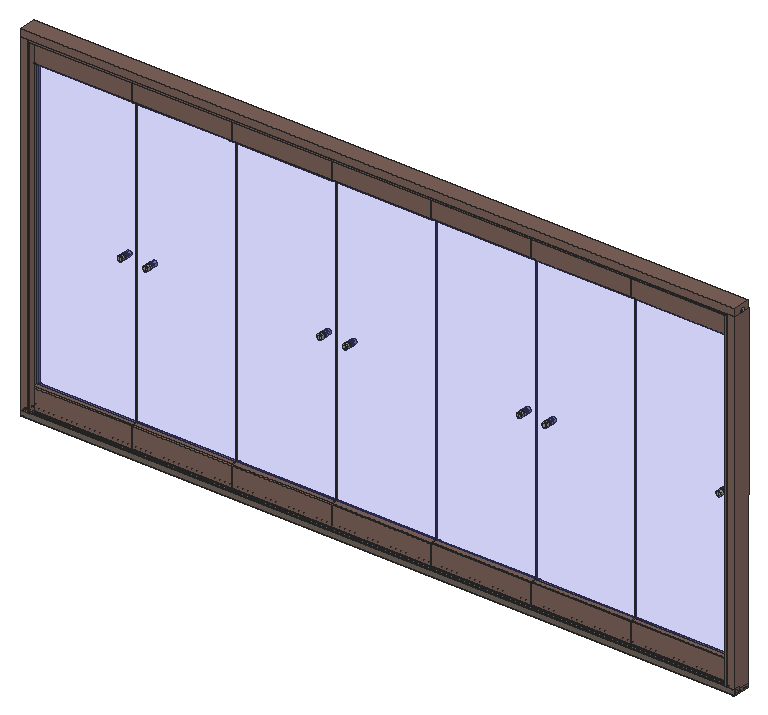
Revit family "FL7L LH", category Doors, host Wall, Revit 2015 (continued)
Automatic sketch dimensions
  Revolve 35 sketch curve to Revolve 35 sketch curve = 4.5 mm
  host wall to Extrusion 36 sketch curve = 20.5 mm  (x2)
  Extrusion 36 sketch curve to Extrusion 36 sketch curve = 5 mm  (x5)
  Extrusion 36 sketch curve to host wall = 13 mm  (x2)
  Extrusion 36 sketch curve to host wall = 24.5 mm
  Extrusion 36 sketch curve to Extrusion 36 sketch curve = 11.5 mm
  level to Extrusion 36 sketch curve = 24 mm
  Extrusion 36 sketch curve to Extrusion 36 sketch curve = 13 mm
  Extrusion 36 sketch curve to Extrusion 36 sketch curve = 75 mm
  Extrusion 36 sketch curve to Extrusion 36 sketch curve = 45 mm
  plane 5 to Extrusion 36 sketch curve = 188 mm
  Extrusion 36 sketch curve to Extrusion 36 sketch curve = 50 mm
  plane 5 to Extrusion 36 sketch curve = 50 mm
  Extrusion 37 sketch curve to plane 14 = 0 mm
  Extrusion 37 sketch curve to plane 15 = 0 mm
  level to Extrusion 37 sketch curve = 112 mm
  plane 5 to Extrusion 37 sketch curve = 138 mm
  Extrusion 38 sketch curve to host wall = 23 mm  (x2)
  Extrusion 38 sketch curve to Extrusion 38 sketch curve = 1.5 mm  (x2)
  level to Extrusion 38 sketch curve = 112 mm
  Extrusion 38 sketch curve to Extrusion 38 sketch curve = 50 mm  (x2)
  plane 5 to Extrusion 38 sketch curve = 188 mm
  Revolve 39 sketch curve to host wall = 24.5 mm
  Revolve 39 sketch curve to Revolve 39 sketch curve = 5 mm
  Revolve 39 sketch curve to Revolve 39 sketch curve = 2 mm  (x2)
  plane 5 to Revolve 39 sketch curve = 158.5 mm
  Revolve 39 sketch curve to Revolve 39 sketch curve = 8.5 mm
  Revolve 39 sketch curve to Revolve 39 sketch curve = 6.469 mm
  Revolve 39 sketch curve to Revolve 39 sketch curve = 5.515 mm
  Revolve 39 sketch curve to Revolve 39 sketch curve = 4.5 mm
  Revolve 40 sketch curve to host wall = 24.5 mm
  Revolve 40 sketch curve to Revolve 40 sketch curve = 5 mm
  Revolve 40 sketch curve to Revolve 40 sketch curve = 2 mm  (x2)
  plane 5 to Revolve 40 sketch curve = 148 mm
  Revolve 40 sketch curve to Revolve 40 sketch curve = 8.5 mm
  Revolve 40 sketch curve to Revolve 40 sketch curve = 6.469 mm
  Revolve 40 sketch curve to Revolve 40 sketch curve = 5.515 mm
  Revolve 40 sketch curve to Revolve 40 sketch curve = 4.5 mm
  Revolve 41 sketch curve to host wall = 24.5 mm
  Revolve 41 sketch curve to Revolve 41 sketch curve = 5 mm
  Revolve 41 sketch curve to Revolve 41 sketch curve = 2 mm  (x2)
  level to Revolve 41 sketch curve = 141.5 mm
  Revolve 41 sketch curve to Revolve 41 sketch curve = 8.5 mm
  Revolve 41 sketch curve to Revolve 41 sketch curve = 6.469 mm
  Revolve 41 sketch curve to Revolve 41 sketch curve = 5.515 mm
  Revolve 41 sketch curve to Revolve 41 sketch curve = 4.5 mm
  Revolve 42 sketch curve to host wall = 24.5 mm
  Revolve 42 sketch curve to Revolve 42 sketch curve = 5 mm
  Revolve 42 sketch curve to Revolve 42 sketch curve = 2 mm  (x2)
  level to Revolve 42 sketch curve = 152 mm
  Revolve 42 sketch curve to Revolve 42 sketch curve = 8.5 mm
  Revolve 42 sketch curve to Revolve 42 sketch curve = 6.469 mm
  Revolve 42 sketch curve to Revolve 42 sketch curve = 5.515 mm
  Revolve 42 sketch curve to Revolve 42 sketch curve = 4.5 mm
  host wall to Extrusion 43 sketch curve = 20.5 mm  (x2)
  Extrusion 43 sketch curve to Extrusion 43 sketch curve = 5 mm  (x5)
  Extrusion 43 sketch curve to host wall = 13 mm  (x2)
  Extrusion 43 sketch curve to host wall = 24.5 mm
  Extrusion 43 sketch curve to Extrusion 43 sketch curve = 11.5 mm
  level to Extrusion 43 sketch curve = 24 mm
  Extrusion 43 sketch curve to Extrusion 43 sketch curve = 13 mm
  Extrusion 43 sketch curve to Extrusion 43 sketch curve = 75 mm
  Extrusion 43 sketch curve to Extrusion 43 sketch curve = 45 mm
  plane 5 to Extrusion 43 sketch curve = 188 mm
  Extrusion 43 sketch curve to Extrusion 43 sketch curve = 50 mm
  plane 5 to Extrusion 43 sketch curve = 50 mm
  Extrusion 44 sketch curve to plane 12 = 0 mm
  Extrusion 44 sketch curve to plane 13 = 0 mm
  level to Extrusion 44 sketch curve = 112 mm
  plane 5 to Extrusion 44 sketch curve = 138 mm
  Extrusion 45 sketch curve to host wall = 23 mm  (x2)
  Extrusion 45 sketch curve to Extrusion 45 sketch curve = 1.5 mm  (x2)
  level to Extrusion 45 sketch curve = 112 mm
  Extrusion 45 sketch curve to Extrusion 45 sketch curve = 50 mm  (x2)
  plane 5 to Extrusion 45 sketch curve = 188 mm
  Revolve 46 sketch curve to host wall = 24.5 mm
  Revolve 46 sketch curve to Revolve 46 sketch curve = 5 mm
  Revolve 46 sketch curve to Revolve 46 sketch curve = 2 mm  (x2)
  plane 5 to Revolve 46 sketch curve = 158.5 mm
  Revolve 46 sketch curve to Revolve 46 sketch curve = 8.5 mm
  Revolve 46 sketch curve to Revolve 46 sketch curve = 6.469 mm
  Revolve 46 sketch curve to Revolve 46 sketch curve = 5.515 mm
  Revolve 46 sketch curve to Revolve 46 sketch curve = 4.5 mm
  Revolve 47 sketch curve to host wall = 24.5 mm
  Revolve 47 sketch curve to Revolve 47 sketch curve = 5 mm
  Revolve 47 sketch curve to Revolve 47 sketch curve = 2 mm  (x2)
  plane 5 to Revolve 47 sketch curve = 148 mm
  Revolve 47 sketch curve to Revolve 47 sketch curve = 8.5 mm
  Revolve 47 sketch curve to Revolve 47 sketch curve = 6.469 mm
  Revolve 47 sketch curve to Revolve 47 sketch curve = 5.515 mm
  Revolve 47 sketch curve to Revolve 47 sketch curve = 4.5 mm
  Revolve 48 sketch curve to host wall = 24.5 mm
  Revolve 48 sketch curve to Revolve 48 sketch curve = 5 mm
  Revolve 48 sketch curve to Revolve 48 sketch curve = 2 mm  (x2)
  level to Revolve 48 sketch curve = 141.5 mm
  Revolve 48 sketch curve to Revolve 48 sketch curve = 8.5 mm
  Revolve 48 sketch curve to Revolve 48 sketch curve = 6.469 mm
  Revolve 48 sketch curve to Revolve 48 sketch curve = 5.515 mm
  Revolve 48 sketch curve to Revolve 48 sketch curve = 4.5 mm
  Revolve 49 sketch curve to host wall = 24.5 mm
  Revolve 49 sketch curve to Revolve 49 sketch curve = 5 mm
  Revolve 49 sketch curve to Revolve 49 sketch curve = 2 mm  (x2)
  level to Revolve 49 sketch curve = 152 mm
  Revolve 49 sketch curve to Revolve 49 sketch curve = 8.5 mm
  Revolve 49 sketch curve to Revolve 49 sketch curve = 6.469 mm
  Revolve 49 sketch curve to Revolve 49 sketch curve = 5.515 mm
  Revolve 49 sketch curve to Revolve 49 sketch curve = 4.5 mm
  host wall to Extrusion 50 sketch curve = 20.5 mm  (x2)
  Extrusion 50 sketch curve to Extrusion 50 sketch curve = 5 mm  (x5)
  Extrusion 50 sketch curve to host wall = 13 mm  (x2)
  Extrusion 50 sketch curve to host wall = 24.5 mm
  Extrusion 50 sketch curve to Extrusion 50 sketch curve = 11.5 mm
  level to Extrusion 50 sketch curve = 24 mm
  Extrusion 50 sketch curve to Extrusion 50 sketch curve = 13 mm
  Extrusion 50 sketch curve to Extrusion 50 sketch curve = 75 mm
  Extrusion 50 sketch curve to Extrusion 50 sketch curve = 45 mm
  plane 5 to Extrusion 50 sketch curve = 188 mm
  Extrusion 50 sketch curve to Extrusion 50 sketch curve = 50 mm
  plane 5 to Extrusion 50 sketch curve = 50 mm
  Extrusion 51 sketch curve to plane 10 = 0 mm
  Extrusion 51 sketch curve to plane 11 = 0 mm
  level to Extrusion 51 sketch curve = 112 mm
  plane 5 to Extrusion 51 sketch curve = 138 mm
  Extrusion 52 sketch curve to host wall = 23 mm  (x2)
  Extrusion 52 sketch curve to Extrusion 52 sketch curve = 1.5 mm  (x2)
  level to Extrusion 52 sketch curve = 112 mm
  Extrusion 52 sketch curve to Extrusion 52 sketch curve = 50 mm  (x2)
  plane 5 to Extrusion 52 sketch curve = 188 mm
  Revolve 53 sketch curve to host wall = 24.5 mm
  Revolve 53 sketch curve to Revolve 53 sketch curve = 5 mm
  Revolve 53 sketch curve to Revolve 53 sketch curve = 2 mm  (x2)
  plane 5 to Revolve 53 sketch curve = 158.5 mm
  Revolve 53 sketch curve to Revolve 53 sketch curve = 8.5 mm
  Revolve 53 sketch curve to Revolve 53 sketch curve = 6.469 mm
  Revolve 53 sketch curve to Revolve 53 sketch curve = 5.515 mm
  Revolve 53 sketch curve to Revolve 53 sketch curve = 4.5 mm
  Revolve 54 sketch curve to host wall = 24.5 mm
  Revolve 54 sketch curve to Revolve 54 sketch curve = 5 mm
  Revolve 54 sketch curve to Revolve 54 sketch curve = 2 mm  (x2)
  plane 5 to Revolve 54 sketch curve = 148 mm
  Revolve 54 sketch curve to Revolve 54 sketch curve = 8.5 mm
  Revolve 54 sketch curve to Revolve 54 sketch curve = 6.469 mm
  Revolve 54 sketch curve to Revolve 54 sketch curve = 5.515 mm
  Revolve 54 sketch curve to Revolve 54 sketch curve = 4.5 mm
  Revolve 55 sketch curve to host wall = 24.5 mm
  Revolve 55 sketch curve to Revolve 55 sketch curve = 5 mm
  Revolve 55 sketch curve to Revolve 55 sketch curve = 2 mm  (x2)
  level to Revolve 55 sketch curve = 141.5 mm
  Revolve 55 sketch curve to Revolve 55 sketch curve = 8.5 mm
  Revolve 55 sketch curve to Revolve 55 sketch curve = 6.469 mm
  Revolve 55 sketch curve to Revolve 55 sketch curve = 5.515 mm
  Revolve 55 sketch curve to Revolve 55 sketch curve = 4.5 mm
  Revolve 56 sketch curve to host wall = 24.5 mm
  Revolve 56 sketch curve to Revolve 56 sketch curve = 5 mm
  Revolve 56 sketch curve to Revolve 56 sketch curve = 2 mm  (x2)
  level to Revolve 56 sketch curve = 152 mm
  Revolve 56 sketch curve to Revolve 56 sketch curve = 8.5 mm
  Revolve 56 sketch curve to Revolve 56 sketch curve = 6.469 mm
  Revolve 56 sketch curve to Revolve 56 sketch curve = 5.515 mm
  Revolve 56 sketch curve to Revolve 56 sketch curve = 4.5 mm
  Revolve 57 sketch curve to host wall = 23 mm
  Revolve 57 sketch curve to Revolve 57 sketch curve = 3 mm
  Revolve 57 sketch curve to Revolve 57 sketch curve = 5 mm  (x2)
  Revolve 57 sketch curve to Revolve 57 sketch curve = 16 mm
  Revolve 57 sketch curve to Revolve 57 sketch curve = 1 mm  (x2)
  plane 5 to Revolve 57 sketch curve = 1048 mm
  Revolve 57 sketch curve to Revolve 57 sketch curve = 0 mm  (x4)
  Revolve 57 sketch curve to Revolve 57 sketch curve = 14 mm
  Revolve 58 sketch curve to host wall = 0 mm
  Revolve 58 sketch curve to host wall = 5 mm
  Revolve 58 sketch curve to Revolve 58 sketch curve = 5 mm
  Revolve 58 sketch curve to Revolve 58 sketch curve = 3 mm
  host wall to Revolve 58 sketch curve = 16 mm
  Revolve 58 sketch curve to Revolve 58 sketch curve = 1 mm  (x2)
  level to Revolve 58 sketch curve = 1037 mm
  Revolve 58 sketch curve to Revolve 58 sketch curve = 10 mm
  Revolve 58 sketch curve to Revolve 58 sketch curve = 14 mm
  Revolve 58 sketch curve to Revolve 58 sketch curve = 0 mm  (x3)
  Revolve 59 sketch curve to host wall = 23 mm
  Revolve 59 sketch curve to Revolve 59 sketch curve = 3 mm
  Revolve 59 sketch curve to Revolve 59 sketch curve = 5 mm  (x2)
  Revolve 59 sketch curve to Revolve 59 sketch curve = 16 mm
  Revolve 59 sketch curve to Revolve 59 sketch curve = 1 mm  (x2)
  plane 5 to Revolve 59 sketch curve = 1048 mm
  Revolve 59 sketch curve to Revolve 59 sketch curve = 0 mm  (x4)
  Revolve 59 sketch curve to Revolve 59 sketch curve = 14 mm
  Revolve 60 sketch curve to host wall = 0 mm
  Revolve 60 sketch curve to host wall = 5 mm
  Revolve 60 sketch curve to Revolve 60 sketch curve = 5 mm
  Revolve 60 sketch curve to Revolve 60 sketch curve = 3 mm
  host wall to Revolve 60 sketch curve = 16 mm
  Revolve 60 sketch curve to Revolve 60 sketch curve = 1 mm  (x2)
  level to Revolve 60 sketch curve = 1037 mm
  Revolve 60 sketch curve to Revolve 60 sketch curve = 10 mm
  Revolve 60 sketch curve to Revolve 60 sketch curve = 14 mm
  Revolve 60 sketch curve to Revolve 60 sketch curve = 0 mm  (x3)
  Revolve 61 sketch curve to host wall = 23 mm
  Revolve 61 sketch curve to Revolve 61 sketch curve = 3 mm
  Revolve 61 sketch curve to Revolve 61 sketch curve = 5 mm  (x2)
  Revolve 61 sketch curve to Revolve 61 sketch curve = 16 mm
  Revolve 61 sketch curve to Revolve 61 sketch curve = 1 mm  (x2)
  plane 5 to Revolve 61 sketch curve = 1048 mm
  Revolve 61 sketch curve to Revolve 61 sketch curve = 0 mm  (x4)
  Revolve 61 sketch curve to Revolve 61 sketch curve = 14 mm
  Revolve 62 sketch curve to host wall = 0 mm
  Revolve 62 sketch curve to host wall = 5 mm
  Revolve 62 sketch curve to Revolve 62 sketch curve = 5 mm
  Revolve 62 sketch curve to Revolve 62 sketch curve = 3 mm
  host wall to Revolve 62 sketch curve = 16 mm
  Revolve 62 sketch curve to Revolve 62 sketch curve = 1 mm  (x2)
  level to Revolve 62 sketch curve = 1037 mm
  Revolve 62 sketch curve to Revolve 62 sketch curve = 10 mm
  Revolve 62 sketch curve to Revolve 62 sketch curve = 14 mm
  Revolve 62 sketch curve to Revolve 62 sketch curve = 0 mm  (x3)
  Revolve 63 sketch curve to host wall = 23 mm
  Revolve 63 sketch curve to Revolve 63 sketch curve = 3 mm
  Revolve 63 sketch curve to Revolve 63 sketch curve = 5 mm  (x2)
  Revolve 63 sketch curve to Revolve 63 sketch curve = 16 mm
  Revolve 63 sketch curve to Revolve 63 sketch curve = 1 mm  (x2)
  plane 5 to Revolve 63 sketch curve = 1048 mm
  Revolve 63 sketch curve to Revolve 63 sketch curve = 0 mm  (x4)
  Revolve 63 sketch curve to Revolve 63 sketch curve = 14 mm
  Revolve 64 sketch curve to host wall = 0 mm
  Revolve 64 sketch curve to host wall = 5 mm
  Revolve 64 sketch curve to Revolve 64 sketch curve = 5 mm
  Revolve 64 sketch curve to Revolve 64 sketch curve = 3 mm
  host wall to Revolve 64 sketch curve = 16 mm
  Revolve 64 sketch curve to Revolve 64 sketch curve = 1 mm  (x2)
  level to Revolve 64 sketch curve = 1037 mm
  Revolve 64 sketch curve to Revolve 64 sketch curve = 10 mm
  Revolve 64 sketch curve to Revolve 64 sketch curve = 14 mm
  Revolve 64 sketch curve to Revolve 64 sketch curve = 0 mm  (x3)
  Revolve 65 sketch curve to host wall = 23 mm
  Revolve 65 sketch curve to Revolve 65 sketch curve = 3 mm
  Revolve 65 sketch curve to Revolve 65 sketch curve = 5 mm  (x2)
  Revolve 65 sketch curve to Revolve 65 sketch curve = 16 mm
  Revolve 65 sketch curve to Revolve 65 sketch curve = 1 mm  (x2)
  level to Revolve 65 sketch curve = 1037 mm
  Revolve 65 sketch curve to Revolve 65 sketch curve = 10 mm
  Revolve 65 sketch curve to Revolve 65 sketch curve = 14 mm
  Revolve 65 sketch curve to Revolve 65 sketch curve = 0 mm  (x3)
  Revolve 66 sketch curve to host wall = 23 mm
  Revolve 66 sketch curve to Revolve 66 sketch curve = 3 mm
  Revolve 66 sketch curve to Revolve 66 sketch curve = 5 mm  (x2)
  Revolve 66 sketch curve to Revolve 66 sketch curve = 16 mm
  Revolve 66 sketch curve to Revolve 66 sketch curve = 1 mm  (x2)
  level to Revolve 66 sketch curve = 1037 mm
  Revolve 66 sketch curve to Revolve 66 sketch curve = 10 mm
  Revolve 66 sketch curve to Revolve 66 sketch curve = 14 mm
  Revolve 66 sketch curve to Revolve 66 sketch curve = 0 mm  (x3)
  Revolve 67 sketch curve to host wall = 23 mm
  Revolve 67 sketch curve to Revolve 67 sketch curve = 3 mm
  Revolve 67 sketch curve to Revolve 67 sketch curve = 5 mm  (x2)
  Revolve 67 sketch curve to Revolve 67 sketch curve = 16 mm
  Revolve 67 sketch curve to Revolve 67 sketch curve = 1 mm  (x2)
  level to Revolve 67 sketch curve = 1037 mm
  Revolve 67 sketch curve to Revolve 67 sketch curve = 10 mm
  Revolve 67 sketch curve to Revolve 67 sketch curve = 14 mm
  Revolve 67 sketch curve to Revolve 67 sketch curve = 0 mm  (x3)
  Revolve 68 sketch curve to host wall = 0 mm
  Revolve 68 sketch curve to host wall = 5 mm
  Revolve 68 sketch curve to Revolve 68 sketch curve = 5 mm
  Revolve 68 sketch curve to Revolve 68 sketch curve = 3 mm
  host wall to Revolve 68 sketch curve = 16 mm
  Revolve 68 sketch curve to Revolve 68 sketch curve = 1 mm  (x2)
  plane 5 to Revolve 68 sketch curve = 1048 mm
  Revolve 68 sketch curve to Revolve 68 sketch curve = 0 mm  (x4)
  Revolve 68 sketch curve to Revolve 68 sketch curve = 14 mm
  Revolve 69 sketch curve to host wall = 0 mm
  Revolve 69 sketch curve to host wall = 5 mm
  Revolve 69 sketch curve to Revolve 69 sketch curve = 5 mm
  Revolve 69 sketch curve to Revolve 69 sketch curve = 3 mm
  host wall to Revolve 69 sketch curve = 16 mm
  Revolve 69 sketch curve to Revolve 69 sketch curve = 1 mm  (x2)
  plane 5 to Revolve 69 sketch curve = 1048 mm
  Revolve 69 sketch curve to Revolve 69 sketch curve = 0 mm  (x4)
  Revolve 69 sketch curve to Revolve 69 sketch curve = 14 mm
  Revolve 70 sketch curve to host wall = 0 mm
  Revolve 70 sketch curve to host wall = 5 mm
  Revolve 70 sketch curve to Revolve 70 sketch curve = 5 mm
  Revolve 70 sketch curve to Revolve 70 sketch curve = 3 mm
  host wall to Revolve 70 sketch curve = 16 mm
  Revolve 70 sketch curve to Revolve 70 sketch curve = 1 mm  (x2)
  plane 5 to Revolve 70 sketch curve = 1048 mm
  Revolve 70 sketch curve to Revolve 70 sketch curve = 0 mm  (x4)
  Revolve 70 sketch curve to Revolve 70 sketch curve = 14 mm
